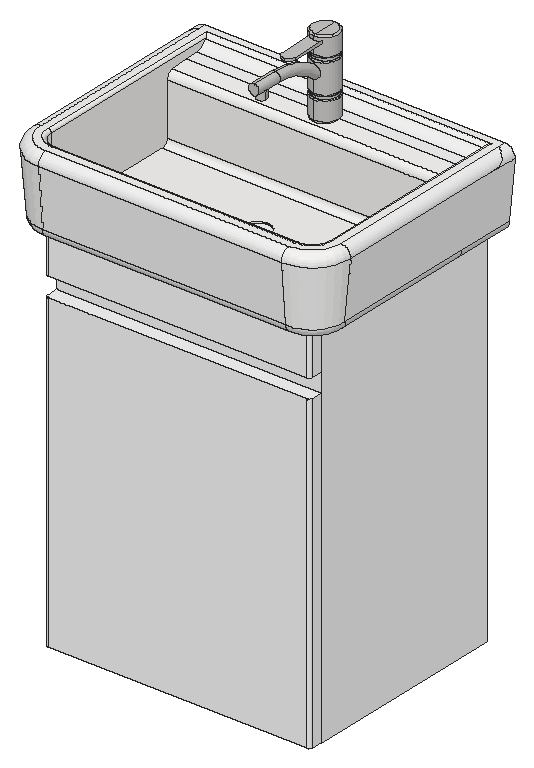
Revit family "CONV_Geberit_StorageUnits_IfoRenovaNr1Plan_50", category Furniture, Revit 2016
Family settings
  OmniClass Number = 23.40.20.21
  OmniClass Title = Toilet and Bath Specialties
  Work Plane-Based = No
  Always vertical = Yes
  Cut with Voids When Loaded = No
  Shared = No
  Room Calculation Point = No
Parameters (values of type "Ifo Renova Nr. 1 Plan Cabinet - 50 cm White")
  WashbasinVisibility [instance] = yes
  WarrantyStartDate [instance] = "n/a"
  WarrantyGuarantorParts = "n/a"
  WarrantyGuarantorLabor = "n/a"
  WarrantyDurationUnit = "Year"
  WarrantyDurationParts = "n/a"
  WarrantyDurationLabor = "n/a"
  WarrantyDescription = "n/a"
  VersionDate = "17/04/2018"  # constant formula
  Version = "1"  # constant formula
  Uniclass2015Reference = "Pr_40_30_78_03"
  Uniclass2015Description = "Bathroom cabinets"
  Uniclass2 = "Pr_40_30_78_06"
  URL = "https://www.ifo.se/"
  Type Comments = ""
  TagNumber [instance] = "n/a"
  SustainabilityPerformance = "n/a"
  Style = "n/a"
  Size = "500x380x810 mm"
  Shape = "Rectangular"
  SerialNumber [instance] = "n/a"
  Revision = "n/a"
  ReplacementCost = "n/a"
  ProductURL_SE = "http://www.ifo.se/produkter/mobler/"
  ProductURL_NO = "http://www.ifosanitar.no/produkter/baderomsmbler/"
  ProductURL_DK = "http://www.ifo.dk/produkter/badevrelsesmbler/"
  ProductInformation = "Ifo Renova Nr. 1 plan cabinet in moisture resistant material with soft closing cover that can be right or left mounted. The integrated handle makes the door easy to open. Washbasins are ordered separately."
  NotWashbasin [instance] = not(WashbasinVisibility)  # no
  NominalLength = 500 mm
  NominalHeight = 811.2 mm
  NominalDepth = 380 mm
  Name = "StorageUnits_IfoRenovaNr1Plan_50"
  NBSReference = "45-35-72/318"
  NBSDescription = "Bathroom cabinets"
  ModelReference = "n/a"
  ModelNumber = "44753"
  Material = "Wood, metal"
  ManufacturerURL = "https://www.ifo.se/"
  ManufacturerName = "Ifo (Geberit Group)"
  MainColor = "White"
  InstallationDate [instance] = "n/a"
  ExpiringDate = "12/2018"  # constant formula
  Elevation [instance] = 500 mm
  EANNumber = "7391515443844"
  Description = ""
  Collection = "Ifo Renova"
  Model = "Ifo Renova Nr. 1 Plan Cabinet - 50 cm White"
  Manufacturer = "Ifo (Geberit Group)"
  IfcExportType = "CABINET"  # constant formula
  IfcExportAs = "IfcFurnitureType"  # constant formula
  Grade = "n/a"
  Finish = "n/a"
  Features = "n/a"
  ExpectedLife = "n/a"
  DurationUnit = "Year"
  Cost = 0
  ConvergoRefNr = "0132-1802-0007-SE"
  Constituents = "Washbasin sold separately"
  Color = "White"
  CodePerformance = "n/a"
  Category = "Sink Cabinet"
  CabinetTertiaryMaterial = Stainless Steel, Polished
  CabinetSecondaryMaterial = Porcelain, White
  CabinetMainMaterial = White
  Brand = "Ifo"
  Barcode [instance] = "n/a"
  BIMObjectName = "CONV_Geberit_StorageUnits_IfoRenovaNr1Plan_50"
  Author = "Convergo AB"  # constant formula
  AssetType = "Fixed"
  AssetIdentifier [instance] = "n/a"
  AccessibilityPerformance = "n/a"
Types (4, lengths in mm): name | ModelNumber | MainColor | EANNumber | Model | Color | CabinetMainMaterial
  (no name) | "44753" | "White" | "7391515443844" | "Ifo Renova Nr. 1 Plan Cabinet - 50 cm White" | "White" | White
  Ifo Renova Nr. 1 Plan Cabinet - 50 cm Elm | "44755" | "Wooden" | "7391515443387" | "Ifo Renova Nr. 1 Plan Cabinet - 50 cm Alm" | "Wooden" | Elm
  Ifo Renova Nr. 1 Plan Cabinet - 50 cm White | "44753" | "White" | "7391515443844" | "Ifo Renova Nr. 1 Plan Cabinet - 50 cm White" | "White" | White
  Ifo Renova Nr. 1 Plan Cabinet - 50 cm Grey | "44754" | "Grey" | "7391515443851" | "Ifo Renova Nr. 1 Plan Cabinet - 50 cm Grey" | "Grey" | Grey
Reference planes
  plane 1 "Center (Front/Back)": y = 0
  plane 2: z = 0
  plane 3 "Center (Left/Right)": x = 0
  plane 4: x = -250
  plane 5: x = 250
  plane 6: z = 500
  plane 7: z = 1311.2
  plane 8: y = 190
  plane 9: y = -190
Forms (mm)
  Extrusion 1, solid, material "White" <- "CabinetMainMaterial", visible <- "WashbasinVisibility", detail levels coarse
    sketch origin (0, 0, 0) x (0, 1, 0) y (0, 0, 1)
      loop
        line (190, 1311.2) -> (-190, 1311.2) -> (-190, 500) -> (190, 500) -> (190, 1311.2)
    from 250 to -250
  Extrusion 2, solid, material "White" <- "CabinetMainMaterial", visible <- "NotWashbasin", detail levels coarse
    sketch origin (0, 0, 0) x (1, 0, 0) y (0, 0, 1)
      loop
        line (-207, 500) -> (207, 500) -> (207, 1079) -> (-207, 1079) -> (-207, 500)
    from 155 to -190
Lines and regions (mm)
  symbolic lines, visible <- "WashbasinVisibility", detail levels medium+fine
    curve 1: line (0, 190, 1210.898) -> (0, 153.259, 1210.898)
    curve 2: arc (0, -182.486, 1210.898) -> (0, -187.799, 1208.697) -> (0, -190, 1203.384) r 7.514
    curve 3: arc (0, -190, 1203.384) -> (0, -187.014, 1145.52) -> (0, -178.089, 1088.27) r 562.205
    curve 4: arc (0, -178.089, 1088.27) -> (0, -176.238, 1082.615) -> (0, -171.512, 1079) r 10.041
    curve 5: line (0, -171.512, 1079) -> (0, -153, 1079)
    curve 6: line (0, 190, 1210.898) -> (0, 190, 1079)
    curve 18: line (-244.41, 0, 1200.648) -> (-21.001, 0, 1200.648)
    curve 19: arc (-245.884, 0, 1200.569) -> (-245.148, 0, 1200.628) -> (-244.41, 0, 1200.648) r 13.757
    curve 20: arc (-250, 0, 1195.688) -> (-248.921, 0, 1198.954) -> (-245.884, 0, 1200.569) r 4.62
    curve 21: arc (-240.184, 0, 1084.317) -> (-245.804, 0, 1139.939) -> (-250, 0, 1195.688) r 2185.877
    curve 22: arc (-236.166, 0, 1080.8) -> (-238.855, 0, 1081.781) -> (-240.184, 0, 1084.317) r 3.967
    curve 23: line (-236.166, 0, 1080.8) -> (-206.99, 0, 1080.8)
    curve 30: line (-245.361, 190, 0) -> (0, 190, 0)
    curve 31: arc (-245.361, 190, 0) -> (-249.946, 20.926, 0) -> (-247.737, -148.197, 0) r 4210.49
    curve 32: arc (-247.737, -148.197, 0) -> (-239.058, -170.939, 0) -> (-218.223, -183.528, 0) r 37.41
    curve 33: arc (-218.223, -183.528, 0) -> (-211.271, -184.735, 0) -> (-204.244, -185.381, 0) r 87.906
    curve 44: line (0, 150.851, 1311.2) -> (0, 113.651, 1311.2)
    curve 45: line (0, 150.851, 1311.2) -> (0, 153.251, 1308.8)
    curve 46: line (0, 153.251, 1308.8) -> (0, 153.251, 1282.252)
    curve 47: line (0, 113.651, 1311.2) -> (0, 111.251, 1308.8)
    curve 48: line (0, 111.251, 1308.8) -> (0, 111.251, 1303.955)
    curve 52: line (0, 111.251, 1300.955) -> (0, 111.251, 1282.252)
    curve 53: line (0, 111.251, 1303.955) -> (0, 52.197, 1303.955)
    curve 54: line (0, 52.197, 1303.955) -> (0, 52.197, 1300.955)
    curve 55: line (0, 52.197, 1300.955) -> (0, 111.251, 1300.955)
    curve 56: line (0, 45.868, 1256.325) -> (0, 45.868, 1249.325)
    curve 57: line (0, 45.868, 1249.325) -> (0, 31.875, 1249.325)
    curve 58: line (0, 31.875, 1249.325) -> (0, 31.875, 1256.325)
    curve 59: line (0, 31.875, 1256.325) -> (0, 23.796, 1256.325)
    curve 60: line (0, 23.796, 1256.325) -> (0, 23.796, 1272.325)
    curve 61: line (0, 23.796, 1272.325) -> (0, 64.727, 1272.325)
    curve 62: arc (0, 64.727, 1272.325) -> (0, 88.54, 1269.748) -> (0, 111.251, 1262.137) r 111.325
    curve 63: line (0, 45.868, 1256.325) -> (0, 64.931, 1256.325)
    curve 64: arc (0, 64.931, 1256.325) -> (0, 88.859, 1253.269) -> (0, 111.251, 1244.296) r 95.194
    curve 67: line (0, 111.251, 1262.137) -> (0, 111.251, 1274.212)
    curve 68: line (0, 152.27, 1275.212) -> (0, 151.005, 1275.212)
    curve 69: line (0, 152.251, 1281.252) -> (0, 151.005, 1281.252)
    curve 70: arc (0, 153.251, 1282.252) -> (0, 152.958, 1281.545) -> (0, 152.251, 1281.252) r 1
    curve 71: line (0, 153.27, 1274.212) -> (0, 153.27, 1228.203)
    curve 72: line (0, 153.259, 1210.898) -> (0, 153.259, 1220.218)
    curve 73: line (0, 152.259, 1221.218) -> (0, 151.036, 1221.218)
    curve 74: line (0, 111.283, 1210.898) -> (0, 111.283, 1220.218)
    curve 75: arc (0, 153.259, 1220.218) -> (0, 152.966, 1220.925) -> (0, 152.259, 1221.218) r 1
    curve 76: arc (0, 112.283, 1221.218) -> (0, 111.576, 1220.925) -> (0, 111.283, 1220.218) r 1
    curve 77: arc (0, 153.27, 1274.212) -> (0, 152.977, 1274.919) -> (0, 152.27, 1275.212) r 1
    curve 78: arc (0, 111.251, 1274.212) -> (0, 111.543, 1274.919) -> (0, 112.251, 1275.212) r 1
    curve 79: arc (0, 112.251, 1281.252) -> (0, 111.543, 1281.545) -> (0, 111.251, 1282.252) r 1
    curve 80: line (0, 111.251, 1244.296) -> (0, 111.251, 1228.203)
    curve 81: line (0, 112.251, 1227.203) -> (0, 113.603, 1227.203)
    curve 82: arc (0, 112.251, 1227.203) -> (0, 111.543, 1227.496) -> (0, 111.251, 1228.203) r 1
    curve 83: arc (0, 152.27, 1227.203) -> (0, 152.977, 1227.496) -> (0, 153.27, 1228.203) r 1
    curve 84: line (0, 151.036, 1227.203) -> (0, 151.036, 1221.218)
    curve 85: line (0, 113.603, 1227.203) -> (0, 113.603, 1221.218)
    curve 86: line (0, 151.005, 1281.252) -> (0, 151.005, 1275.212)
    curve 87: line (0, 113.655, 1281.252) -> (0, 113.655, 1275.212)
    curve 89: line (0, 113.655, 1281.252) -> (0, 112.251, 1281.252)
    curve 91: line (0, 113.655, 1275.212) -> (0, 112.251, 1275.212)
    curve 93: line (0, 151.036, 1227.203) -> (0, 152.27, 1227.203)
    curve 95: line (0, 113.603, 1221.218) -> (0, 112.283, 1221.218)
    curve 97: line (0, 111.283, 1210.898) -> (0, -182.486, 1210.898)
    curve 99: line (-18.6, 0, 1311.213) -> (-21, 0, 1308.813)
    curve 101: line (-21, 0, 1308.813) -> (-21, 0, 1282.25)
    curve 102: line (-20, 0, 1281.25) -> (-18.68, 0, 1281.25)
    curve 103: line (-21.01, 0, 1274.298) -> (-21.01, 0, 1228.24)
    curve 104: line (-20.01, 0, 1227.24) -> (-18.645, 0, 1227.24)
    curve 105: line (-20.001, 0, 1221.269) -> (-18.645, 0, 1221.269)
    curve 106: line (-21.001, 0, 1220.269) -> (-21.001, 0, 1200.648)
    curve 107: arc (-21.001, 0, 1220.269) -> (-20.709, 0, 1220.976) -> (-20.001, 0, 1221.269) r 1
    curve 108: arc (-20.01, 0, 1227.24) -> (-20.717, 0, 1227.533) -> (-21.01, 0, 1228.24) r 1
    curve 109: arc (-21.01, 0, 1274.298) -> (-20.717, 0, 1275.005) -> (-20.01, 0, 1275.298) r 1
    curve 110: arc (-20, 0, 1281.25) -> (-20.707, 0, 1281.543) -> (-21, 0, 1282.25) r 1
    curve 113: line (-18.645, 0, 1227.24) -> (-18.645, 0, 1221.269)
    curve 114: line (-18.68, 0, 1281.25) -> (-18.68, 0, 1275.298)
    curve 115: line (-18.68, 0, 1275.298) -> (-20.01, 0, 1275.298)
    curve 120: line (245.361, 190, 0) -> (0, 190, 0)
    curve 145: line (-18.6, 0, 1311.213) -> (18.6, 0, 1311.213)
    curve 146: arc (245.884, 0, 1200.569) -> (245.148, 0, 1200.628) -> (244.41, 0, 1200.648) r 13.757
    curve 147: arc (250, 0, 1195.688) -> (248.921, 0, 1198.954) -> (245.884, 0, 1200.569) r 4.62
    curve 148: arc (240.184, 0, 1084.317) -> (245.804, 0, 1139.939) -> (250, 0, 1195.688) r 2185.877
    curve 149: arc (236.166, 0, 1080.8) -> (238.855, 0, 1081.781) -> (240.184, 0, 1084.317) r 3.967
    curve 150: line (236.166, 0, 1080.8) -> (207, 0, 1080.8)
    curve 157: line (18.6, 0, 1311.213) -> (21, 0, 1308.813)
    curve 159: line (21, 0, 1308.813) -> (21, 0, 1282.25)
    curve 160: line (20, 0, 1281.25) -> (18.68, 0, 1281.25)
    curve 161: line (21.01, 0, 1274.298) -> (21.01, 0, 1228.24)
    curve 162: line (20.01, 0, 1227.24) -> (18.645, 0, 1227.24)
    curve 163: line (20.001, 0, 1221.269) -> (18.645, 0, 1221.269)
    curve 164: line (21.001, 0, 1220.269) -> (21.001, 0, 1200.648)
    curve 165: arc (21.001, 0, 1220.269) -> (20.709, 0, 1220.976) -> (20.001, 0, 1221.269) r 1
    curve 166: arc (20.01, 0, 1227.24) -> (20.717, 0, 1227.533) -> (21.01, 0, 1228.24) r 1
    curve 167: arc (21.01, 0, 1274.298) -> (20.717, 0, 1275.005) -> (20.01, 0, 1275.298) r 1
    curve 168: arc (20, 0, 1281.25) -> (20.707, 0, 1281.543) -> (21, 0, 1282.25) r 1
    curve 171: line (18.645, 0, 1227.24) -> (18.645, 0, 1221.269)
    curve 172: line (18.68, 0, 1281.25) -> (18.68, 0, 1275.298)
    curve 173: line (18.68, 0, 1275.298) -> (20.01, 0, 1275.298)
    curve 174: arc (245.361, 190, 0) -> (249.946, 20.926, 0) -> (247.737, -148.197, 0) r 4210.49
    curve 175: arc (247.737, -148.197, 0) -> (239.058, -170.939, 0) -> (218.223, -183.528, 0) r 37.41
    curve 176: arc (218.223, -183.528, 0) -> (211.271, -184.735, 0) -> (204.244, -185.381, 0) r 87.906
    curve 177: arc (-204.244, -185.381, 0) -> (0, -190.644, 0) -> (204.244, -185.381, 0) r 3965.866
    curve 192: line (21.001, 0, 1200.648) -> (244.41, 0, 1200.648)
  symbolic lines, detail levels medium+fine
    curve 7: line (0, 190, 500) -> (0, -132, 500)
    curve 8: line (0, -132, 989) -> (0, -153, 989)
    curve 10: line (0, -132, 1019) -> (0, -153, 1019)
    curve 11: line (0, -155, 1077) -> (0, -155, 1021)
    curve 12: arc (0, -155, 1021) -> (0, -154.414, 1019.586) -> (0, -153, 1019) r 2
    curve 13: arc (0, -153, 1079) -> (0, -154.414, 1078.414) -> (0, -155, 1077) r 2
    curve 14: line (0, -155, 987) -> (0, -155, 502)
    curve 15: line (0, -132, 500) -> (0, -153, 500)
    curve 16: arc (0, -153, 500) -> (0, -154.414, 500.586) -> (0, -155, 502) r 2
    curve 17: arc (0, -153, 989) -> (0, -154.414, 988.414) -> (0, -155, 987) r 2
    curve 24: line (-206.99, 0, 1080.8) -> (-206.99, 0, 501.888)
    curve 136: line (0, 190, 1079) -> (0, 190, 500)
    curve 151: line (207, 0, 1080.8) -> (207, 0, 501.888)
    curve 190: line (0, -132, 989) -> (0, -132, 1019)
    curve 197: line (-205.207, 0, 500) -> (205.217, 0, 500)
  symbolic lines, visible <- "NotWashbasin", detail levels medium+fine
    curve 9: line (0, -132, 1079) -> (0, -153, 1079)
    curve 98: line (0, 190, 1079) -> (0, -132, 1079)
    curve 119: line (-207, 190, 0) -> (0, 190, 0)
    curve 131: line (207, 190, 0) -> (0, 190, 0)
    curve 178: line (-207, 190, 0) -> (-207, -132, 0)
    curve 179: line (-207, -132, 0) -> (-206.5, -132, 0)
    curve 180: line (-206.5, -132, 0) -> (-206.5, -150, 0)
    curve 181: line (-201.5, -155, 0) -> (0, -155, 0)
    curve 182: arc (-206.5, -150, 0) -> (-205.036, -153.536, 0) -> (-201.5, -155, 0) r 5
    curve 184: line (207, 190, 0) -> (207, -132, 0)
    curve 185: line (206.5, -132, 0) -> (206.5, -150, 0)
    curve 186: line (201.5, -155, 0) -> (0, -155, 0)
    curve 187: arc (206.5, -150, 0) -> (205.036, -153.536, 0) -> (201.5, -155, 0) r 5
  symbolic lines, detail levels fine
    curve 25: line (-191.612, 0, 1019) -> (-191.612, 0, 989)
    curve 26: arc (-205.207, 0, 500) -> (-206.474, 0, 500.59) -> (-206.99, 0, 501.888) r 1.891
    curve 27: arc (-206.99, 0, 987.218) -> (-206.468, 0, 988.478) -> (-205.208, 0, 989) r 1.782
    curve 28: arc (-206.99, 0, 1020.782) -> (-206.468, 0, 1019.522) -> (-205.208, 0, 1019) r 1.782
    curve 29: arc (-206.99, 0, 1078.912) -> (-206.437, 0, 1080.247) -> (-205.102, 0, 1080.8) r 1.888
    curve 43: line (0, -132, 500) -> (0, -132, 989)
    curve 152: line (191.612, 0, 1019) -> (191.612, 0, 989)
    curve 153: arc (205.217, 0, 500) -> (206.484, 0, 500.59) -> (207, 0, 501.888) r 1.891
    curve 154: arc (207, 0, 987.216) -> (206.477, 0, 988.477) -> (205.216, 0, 989) r 1.784
    curve 155: arc (207, 0, 1020.784) -> (206.477, 0, 1019.523) -> (205.216, 0, 1019) r 1.784
    curve 156: arc (207, 0, 1078.912) -> (206.447, 0, 1080.247) -> (205.112, 0, 1080.8) r 1.888
    curve 189: line (0, -132, 1019) -> (0, -132, 1079)
    curve 193: line (-206.99, 0, 1080.8) -> (207, 0, 1080.8)
    curve 195: line (-205.208, 0, 1019) -> (205.216, 0, 1019)
    curve 196: line (-205.208, 0, 989) -> (205.216, 0, 989)
    curve 198: line (0, -153, 1079) -> (0, -132, 1079)
  symbolic lines, visible <- "WashbasinVisibility", detail levels fine
    curve 34: line (-213.296, 67.822, 0) -> (-213.296, -126.279, 0)
    curve 35: arc (-213.296, -126.279, 0) -> (-206.577, -142.499, 0) -> (-190.357, -149.217, 0) r 22.938
    curve 36: arc (-191.422, 89.696, 0) -> (-206.889, 83.289, 0) -> (-213.296, 67.822, 0) r 21.873
    curve 37: circle (0, 0, 0) r 22.816 normal (0, 0, 1)
    curve 38: line (-206.677, 174.524, 0) -> (0, 174.524, 0)
    curve 39: arc (-218.882, 162.319, 0) -> (-215.307, 170.95, 0) -> (-206.677, 174.524, 0) r 12.205
    curve 40: line (-218.882, 162.319, 0) -> (-218.882, 82.319, 0)
    curve 41: arc (-218.882, 82.319, 0) -> (-217.451, 73.244, 0) -> (-213.296, 65.051, 0) r 29.483
    curve 42: line (0, -132, 1079) -> (0, 190, 1079)
    curve 49: line (0, 111.251, 1303.955) -> (0, 113.784, 1303.955)
    curve 50: line (0, 113.784, 1303.955) -> (0, 113.784, 1300.955)
    curve 51: line (0, 113.784, 1300.955) -> (0, 111.251, 1300.955)
    curve 65: arc (0, 111.251, 1262.137) -> (0, 112.923, 1253.217) -> (0, 111.251, 1244.296) r 24.624
    curve 66: arc (0, 45.868, 1256.325) -> (0, 38.871, 1260.325) -> (0, 31.875, 1256.325) r 8.118
    curve 88: line (0, 151.005, 1281.252) -> (0, 113.655, 1281.252)
    curve 90: line (0, 151.005, 1275.212) -> (0, 113.655, 1275.212)
    curve 92: line (0, 113.603, 1227.203) -> (0, 151.036, 1227.203)
    curve 94: line (0, 151.036, 1221.218) -> (0, 113.603, 1221.218)
    curve 96: line (0, 153.259, 1210.898) -> (0, 111.283, 1210.898)
    curve 100: line (-10, 0, 1303.969) -> (-10, 0, 1300.969)
    curve 111: arc (0, 0, 1272.338) -> (-8, 0, 1264.338) -> (0, 0, 1256.338) r 8
    curve 112: line (-6.996, 0, 1249.338) -> (-6.996, 0, 1260.459)
    curve 116: arc (0, 153.251, 0) -> (-21, 132.251, 0) -> (0, 111.251, 0) r 21
    curve 117: line (-7.995, 112.832, 0) -> (-7.995, 79.653, 0)
    curve 118: arc (-7.995, 79.653, 0) -> (-5.655, 73.989, 0) -> (0, 71.629, 0) r 8.024
    curve 121: line (213.296, 67.822, 0) -> (213.296, -126.279, 0)
    curve 122: arc (213.296, -126.279, 0) -> (206.577, -142.499, 0) -> (190.357, -149.217, 0) r 22.938
    curve 123: arc (191.422, 89.696, 0) -> (206.889, 83.289, 0) -> (213.296, 67.822, 0) r 21.873
    curve 124: line (206.677, 174.524, 0) -> (0, 174.524, 0)
    curve 125: arc (218.882, 162.319, 0) -> (215.307, 170.95, 0) -> (206.677, 174.524, 0) r 12.205
    curve 126: line (218.882, 162.319, 0) -> (218.882, 82.319, 0)
    curve 127: arc (218.882, 82.319, 0) -> (217.451, 73.244, 0) -> (213.296, 65.051, 0) r 29.483
    curve 128: arc (0, 153.251, 0) -> (21, 132.251, 0) -> (0, 111.251, 0) r 21
    curve 129: line (7.995, 112.832, 0) -> (7.995, 79.653, 0)
    curve 130: arc (7.995, 79.653, 0) -> (5.655, 73.989, 0) -> (0, 71.629, 0) r 8.024
    curve 132: line (-190.357, -149.217, 0) -> (190.357, -149.217, 0)
    curve 133: line (-191.422, 89.696, 0) -> (-7.995, 89.696, 0)
    curve 134: line (7.995, 89.696, 0) -> (191.422, 89.696, 0)
    curve 135: line (0, 153.251, 1308.8) -> (0, 111.251, 1308.8)
    curve 137: line (-18.68, 0, 1281.25) -> (18.68, 0, 1281.25)
    curve 138: line (-18.645, 0, 1221.269) -> (18.645, 0, 1221.269)
    curve 139: line (-18.645, 0, 1227.24) -> (18.645, 0, 1227.24)
    curve 140: line (-6.996, 0, 1249.338) -> (6.996, 0, 1249.338)
    curve 141: line (-18.68, 0, 1275.298) -> (18.68, 0, 1275.298)
    curve 142: line (-10, 0, 1300.969) -> (10, 0, 1300.969)
    curve 143: line (-10, 0, 1303.969) -> (10, 0, 1303.969)
    curve 144: line (-21, 0, 1308.813) -> (21, 0, 1308.813)
    curve 158: line (10, 0, 1303.969) -> (10, 0, 1300.969)
    curve 169: arc (0, 0, 1272.338) -> (8, 0, 1264.338) -> (0, 0, 1256.338) r 8
    curve 170: line (6.996, 0, 1249.338) -> (6.996, 0, 1260.459)
    curve 191: line (-21.001, 0, 1200.648) -> (21.001, 0, 1200.648)
  symbolic lines, visible <- "NotWashbasin", detail levels fine
    curve 183: line (-206.5, -132, 0) -> (0, -132, 0)
    curve 188: line (206.5, -132, 0) -> (0, -132, 0)
  symbolic lines, visible <- "NotWashbasin", detail levels medium
    curve 194: line (-206.99, 0, 1080.8) -> (207, 0, 1080.8)
Dimensions and locks
  equal spacing: plane 4, plane 3 "Center (Left/Right)", plane 5
  "NominalLength": plane 4 to plane 5
  "Elevation": plane 6 to level
  equal spacing: plane 8, plane 1 "Center (Front/Back)", plane 9
  "NominalDepth": plane 8 to plane 9
  Extrusion 2 sketch curve to curve 193 = 580.8 mm
  "NominalHeight": plane 6 to plane 7
  aligned and locked: level to plane 2
  aligned and locked: nested 1 to plane 8
  aligned and locked: nested 2 to plane 6
  aligned and locked: plane 8 to nested 2
  aligned and locked: Extrusion 1 sketch curve to nested 1
  aligned and locked: Extrusion 1 sketch curve to plane 6
  aligned and locked: Extrusion 1 sketch curve to plane 9
  aligned and locked: Extrusion 1 to plane 7
  aligned and locked: Extrusion 1 to plane 5
  aligned and locked: Extrusion 1 to plane 4
  aligned and locked: nested 1 to nested 2
  aligned and locked: Extrusion 1 to plane 6  (x4)
  aligned and locked: curve 7 to plane 6
  aligned and locked: curve 15 to plane 6
  aligned and locked: Extrusion 2 sketch curve to nested 2  (x2)
  aligned and locked: Extrusion 2 to nested 2
Automatic sketch dimensions
  curve 116 to curve 128 = 0 mm  (x2)
  curve 30 to plane 8 = 0 mm
  curve 120 to plane 3 "Center (Left/Right)" = 0 mm
  curve 118 to plane 3 "Center (Left/Right)" = 0 mm
  curve 183 to plane 3 "Center (Left/Right)" = 0 mm
  curve 124 to plane 3 "Center (Left/Right)" = 0 mm
  curve 116 to plane 3 "Center (Left/Right)" = 0 mm
  curve 177 to plane 3 "Center (Left/Right)" = 0 mm
  plane 1 "Center (Front/Back)" to curve 37 = 0 mm
  curve 37 to plane 3 "Center (Left/Right)" = 0 mm
  curve 186 to plane 3 "Center (Left/Right)" = 0 mm
  curve 130 to plane 3 "Center (Left/Right)" = 0.029 mm
  curve 117 to curve 130 = 7.966 mm
  plane 4 to curve 41 = 60.601 mm
  plane 4 to curve 132 = 59.643 mm
  curve 133 to curve 41 = 2.023 mm
  curve 33 to curve 35 = 9.359 mm
  curve 181 to curve 132 = 11.143 mm
  curve 179 to curve 35 = 16.143 mm
  curve 38 to plane 8 = 15.476 mm
  plane 4 to curve 38 = 43.323 mm
  curve 179 to curve 180 = 0.5 mm
  curve 32 to curve 180 = 3.848 mm
  curve 34 to curve 178 = 6.296 mm
  curve 40 to curve 34 = 5.586 mm
  plane 4 to curve 30 = 4.639 mm
  plane 1 "Center (Front/Back)" to curve 174 = 8.649 mm
  curve 174 to plane 4 = 3710.44 mm
  plane 3 "Center (Left/Right)" to curve 118 = 0.029 mm
  curve 118 to curve 129 = 7.966 mm
  plane 5 to curve 127 = 60.601 mm
  plane 5 to curve 122 = 59.643 mm
  curve 127 to curve 134 = 2.023 mm
  curve 122 to curve 176 = 9.359 mm
  curve 122 to curve 187 = 11.143 mm
  curve 122 to curve 185 = 16.143 mm
  plane 5 to curve 124 = 43.323 mm
  curve 187 to curve 175 = 3.848 mm
  curve 185 to curve 121 = 6.796 mm
  curve 125 to curve 126 = 12.205 mm
  plane 5 to curve 120 = 4.639 mm
  plane 1 "Center (Front/Back)" to curve 31 = 8.649 mm
  curve 31 to plane 5 = 3710.44 mm
  plane 9 to curve 176 = 92.408 mm
  plane 9 to curve 33 = 92.408 mm
  curve 122 to curve 176 = 28.688 mm
  curve 179 to curve 35 = 5.721 mm
  curve 32 to curve 178 = 14.957 mm
  curve 175 to curve 188 = 14.957 mm
  curve 187 to curve 175 = 3.043 mm
  curve 121 to plane 1 "Center (Front/Back)" = 67.822 mm
  curve 34 to plane 1 "Center (Front/Back)" = 67.822 mm
  curve 118 to curve 134 = 10.043 mm
  curve 41 to curve 133 = 7.377 mm
  curve 127 to curve 134 = 7.377 mm
  curve 128 to curve 38 = 42.274 mm
  curve 30 to curve 177 = 3585.222 mm
  plane 9 to curve 33 = 4.619 mm
  curve 177 to curve 33 = 0 mm
  curve 32 to curve 33 = 0 mm
  curve 176 to curve 177 = 0 mm
  curve 185 to curve 184 = 0.5 mm
  curve 131 to curve 184 = 0 mm
  curve 175 to curve 176 = 0 mm
  curve 185 to curve 184 = 0 mm
  curve 128 to curve 128 = 21 mm
  plane 7 to Extrusion 1 sketch curve = 0 mm
  curve 2 to plane 9 = 0 mm
  curve 3 to plane 9 = 0 mm
  plane 7 to curve 47 = 0 mm
  curve 3 to curve 2 = 7.514 mm
  plane 9 to curve 5 = 18.488 mm
  curve 4 to curve 4 = 3.462 mm
  plane 6 to curve 14 = 2 mm
  plane 9 to curve 14 = 35 mm
  curve 11 to curve 14 = 0 mm
  curve 17 to curve 8 = 2 mm
  curve 13 to curve 198 = 2 mm
  curve 12 to curve 10 = 2 mm
  curve 17 to curve 190 = 21 mm
  curve 60 to plane 1 "Center (Front/Back)" = 23.796 mm
  curve 59 to curve 58 = 8.079 mm
  curve 57 to curve 66 = 6.996 mm
  curve 66 to curve 57 = 6.996 mm
  plane 7 to curve 55 = 10.245 mm
  curve 60 to curve 55 = 28.401 mm
  curve 66 to curve 61 = 18.859 mm
  curve 62 to curve 64 = 0.204 mm
  curve 63 to curve 65 = 23.369 mm
  plane 7 to curve 53 = 7.245 mm
  curve 65 to curve 53 = 22.951 mm
  curve 52 to curve 48 = 0 mm
  curve 65 to curve 80 = 22.951 mm
  curve 67 to curve 52 = 0 mm
  curve 80 to curve 74 = 0.032 mm
  curve 52 to curve 89 = 1 mm
  curve 78 to curve 78 = 1 mm
  curve 80 to curve 82 = 1 mm
  curve 76 to curve 95 = 1 mm
  curve 76 to curve 94 = 1.32 mm
  curve 47 to curve 47 = 2.4 mm
  curve 78 to curve 87 = 1.404 mm
  curve 48 to curve 49 = 2.534 mm
  curve 44 to curve 45 = 37.2 mm
  curve 44 to curve 86 = 0.155 mm
  curve 81 to curve 84 = 37.433 mm
  curve 69 to curve 69 = 1.245 mm
  curve 73 to curve 73 = 1.223 mm
  curve 68 to curve 68 = 1.265 mm
  curve 84 to curve 93 = 1.234 mm
  curve 44 to curve 135 = 2.4 mm
  curve 75 to curve 72 = 1 mm
  curve 83 to curve 71 = 1 mm
  plane 7 to curve 3 = 107.816 mm
  plane 8 to curve 3 = 182.205 mm
  curve 17 to curve 10 = 30 mm
  curve 11 to curve 11 = 56 mm
  curve 4 to curve 4 = 9.425 mm
  curve 62 to curve 74 = 49.898 mm
  curve 62 to curve 64 = 0.13 mm
  curve 74 to curve 76 = 9.32 mm
  curve 73 to curve 93 = 5.985 mm
  curve 80 to curve 80 = 16.093 mm
  curve 57 to curve 58 = 7 mm
  curve 56 to curve 66 = 2.882 mm
  curve 65 to curve 63 = 3.108 mm
  curve 62 to curve 78 = 12.075 mm
  curve 78 to curve 89 = 6.04 mm
  plane 7 to curve 135 = 2.4 mm
  curve 136 to plane 8 = 0 mm
  plane 7 to Extrusion 2 sketch curve = 232.2 mm
  curve 14 to curve 2 = 216.384 mm
  curve 20 to plane 4 = 0 mm
  curve 21 to plane 4 = 0 mm
  curve 169 to plane 3 "Center (Left/Right)" = 0 mm
  curve 153 to plane 6 = 0 mm
  plane 5 to curve 147 = 0 mm
  plane 5 to curve 148 = 0 mm
  curve 148 to plane 7 = 20.659 mm
  curve 148 to plane 4 = 1681.631 mm
  plane 4 to curve 20 = 4.611 mm
  curve 20 to curve 18 = 0.979 mm
  plane 4 to curve 22 = 13.758 mm
  curve 22 to curve 23 = 0.076 mm
  curve 22 to curve 193 = 29.176 mm
  curve 27 to curve 27 = 1.782 mm
  curve 28 to curve 28 = 1.782 mm
  curve 24 to curve 197 = 1.783 mm
  curve 29 to curve 29 = 1.888 mm
  plane 6 to curve 26 = 1.888 mm
  curve 103 to plane 3 "Center (Left/Right)" = 21.01 mm
  curve 191 to plane 3 "Center (Left/Right)" = 21.001 mm
  plane 7 to curve 144 = 2.387 mm
  curve 144 to plane 3 "Center (Left/Right)" = 21 mm
  curve 103 to curve 108 = 1 mm
  curve 109 to curve 109 = 1 mm
  curve 106 to curve 107 = 1 mm
  curve 101 to curve 110 = 1 mm
  curve 102 to curve 137 = 1.32 mm
  curve 105 to curve 113 = 1.356 mm
  curve 99 to plane 7 = 0.013 mm
  curve 99 to curve 99 = 2.4 mm
  curve 143 to plane 3 "Center (Left/Right)" = 10 mm
  curve 112 to plane 3 "Center (Left/Right)" = 6.996 mm
  plane 3 "Center (Left/Right)" to curve 170 = 6.996 mm
  plane 3 "Center (Left/Right)" to curve 143 = 10 mm
  curve 143 to curve 157 = 8.6 mm
  plane 3 "Center (Left/Right)" to curve 163 = 18.645 mm
  plane 3 "Center (Left/Right)" to curve 172 = 18.68 mm
  curve 137 to curve 168 = 1.32 mm
  curve 138 to curve 165 = 1.356 mm
  curve 139 to curve 162 = 1.364 mm
  curve 141 to curve 167 = 1.329 mm
  curve 145 to curve 159 = 2.4 mm
  curve 165 to curve 164 = 1 mm
  curve 166 to curve 161 = 1 mm
  plane 6 to curve 153 = 1.888 mm
  plane 5 to curve 153 = 44.891 mm
  plane 5 to curve 156 = 44.888 mm
  plane 5 to curve 154 = 44.784 mm
  curve 195 to curve 154 = 0 mm
  curve 153 to curve 151 = 1.891 mm
  plane 5 to curve 150 = 13.834 mm
  curve 149 to curve 149 = 0.076 mm
  plane 5 to curve 192 = 5.59 mm
  plane 5 to curve 147 = 4.611 mm
  curve 21 to plane 7 = 20.659 mm
  curve 21 to plane 5 = 1681.631 mm
  plane 7 to curve 154 = 323.984 mm
  curve 27 to curve 195 = 30 mm
  curve 155 to curve 156 = 58.128 mm
  curve 22 to curve 22 = 3.966 mm
  curve 149 to curve 149 = 3.966 mm
  curve 22 to curve 19 = 102.125 mm
  curve 149 to curve 146 = 102.125 mm
  curve 146 to curve 147 = 9.084 mm
  curve 19 to curve 20 = 9.084 mm
  curve 147 to curve 192 = 0.079 mm
  curve 18 to curve 106 = 19.621 mm
  curve 163 to curve 162 = 5.971 mm
  curve 108 to curve 112 = 21.098 mm
  curve 140 to curve 111 = 15 mm
  curve 111 to curve 109 = 9.96 mm
  curve 115 to curve 102 = 5.951 mm
  plane 7 to curve 100 = 10.231 mm
  curve 100 to curve 100 = 3 mm
  curve 28 to curve 25 = 13.596 mm
  curve 152 to curve 154 = 13.604 mm
  curve 111 to curve 111 = 8 mm
  radius of curve 37 = 22.816 mm
Nested families
  nested 1: "ifo_sink_50" at (0, 0, 1086), FaucetMaterial <- "CabinetTertiaryMaterial", WashbasinMaterial <- "CabinetSecondaryMaterial", visible <- "WashbasinVisibility", type "ifo_sink_50", detail levels medium+fine
    with WashbasinMaterial Porcelain, White, SinkWidth 500 mm, FaucetMaterial Stainless Steel, Polished
  nested 2: "ifo_renova_cabinet_50" at (0, 17.5, 500), CabinetMaterial <- "CabinetMainMaterial", type "ifo_renova_cabinet_50", detail levels medium+fine
    with CabinetMaterial White
Definition of nested family "ifo_sink_50"
  Parameters (values of type "ifo_sink_50")
    WashbasinMaterial [instance] = none
    SinkWidth [instance] = 500 mm
    FaucetMaterial [instance] = none
  Reference planes
    plane 1 "Center (Front/Back)": y = 0
    plane 2: z = 0
    plane 3 "Center (Left/Right)": x = 0
    plane 4: z = 121
    plane 5: y = 190
    plane 6: y = -190
    plane 7: x = -250
    plane 8: x = 250
  Forms (mm)
    Sweep 1, solid, material <- "WashbasinMaterial"
      path origin (0, 0, 0) x (1, 0, 0) y (0, 1, 0)
        loop
          line (-250, 190) -> (-250, -130)
          arc (-250, -130) -> (-232.426, -172.426) -> (-190, -190) r 60
          line (-190, -190) -> (190, -190)
          arc (190, -190) -> (232.426, -172.426) -> (250, -130) r 60
          line (250, -130) -> (250, 190)
      profile origin (-250, 30, 0) x (1, 0, 0) y (0, 0, 1)
        loop
          arc (15.437, 121) -> (4.378, 116.134) -> (0.494, 104.693) r 15
          line (0.494, 104.693) -> (8.456, 13.693)
          arc (8.456, 13.693) -> (13.265, 3.941) -> (23.399, 0) r 15
          line (23.399, 0) -> (32.412, 0) -> (32.412, 116)
          arc (32.412, 116) -> (30.948, 119.536) -> (27.412, 121) r 5
          line (27.412, 121) -> (15.437, 121)
    Extrusion 2, solid, material <- "WashbasinMaterial"
      sketch origin (0, 0, 0) x (1, 0, 0) y (0, 1, 0)
        loop
          line (-265.617, 190) -> (-265.617, 38.815) -> (269.691, 38.815) -> (269.691, 190) -> (-265.617, 190)
      from -9.08 to 121
    Extrusion 3, void
      sketch origin (0, 0, 0) x (1, 0, 0) y (0, 0, 1)
        loop
          arc (-249.506, 104.693) -> (-245.622, 116.134) -> (-234.563, 121) r 15
          line (-234.563, 121) -> (-234.563, 133.522) -> (-278.685, 133.522) -> (-284.034, -19.656) -> (226.601, -19.656) -> (284.034, -19.656) -> (278.685, 133.522) -> (234.563, 133.522) -> (234.563, 121)
          arc (234.563, 121) -> (245.622, 116.134) -> (249.506, 104.693) r 15
          line (249.506, 104.693) -> (241.544, 13.693)
          arc (241.544, 13.693) -> (236.735, 3.941) -> (226.601, 0) r 15
          line (226.601, 0) -> (-226.601, 0)
          arc (-226.601, 0) -> (-236.735, 3.941) -> (-241.544, 13.693) r 15
          line (-241.544, 13.693) -> (-249.506, 104.693)
      from -231.308 to 250
    Extrusion 4, void
      sketch origin (0, 0, 0) x (0, 1, 0) y (0, 0, 1)
        loop
          arc (95.951, 91.348) -> (98.69, 98.829) -> (105.612, 102.773) r 11.587
          arc (105.612, 102.773) -> (118.885, 104.505) -> (132.251, 105.245) r 179.814
          arc (132.251, 105.245) -> (142.823, 105.603) -> (153.378, 106.297) r 333.325
          arc (153.378, 106.297) -> (163.295, 109.433) -> (170.865, 116.566) r 23.336
          arc (170.865, 116.566) -> (174.464, 119.822) -> (179.172, 121) r 10
          line (179.172, 121) -> (190, 121) -> (190, 124.904) -> (-204.995, 124.904) -> (-204.995, 0.831) -> (85.951, 0.831)
          arc (85.951, 0.831) -> (93.022, 3.76) -> (95.951, 10.831) r 10
          line (95.951, 10.831) -> (95.951, 91.348)
      from -303.241 to 250
    Extrusion 5, solid, material <- "WashbasinMaterial"
      sketch origin (0, 0, 0) x (1, 0, 0) y (0, 1, 0)
        loop
          line (-217.588, 38.815) -> (-217.588, -130)
          arc (-217.588, -130) -> (-209.508, -149.508) -> (-190, -157.588) r 27.588
          line (-190, -157.588) -> (190, -157.588)
          arc (190, -157.588) -> (209.508, -149.508) -> (217.588, -130) r 27.588
          line (217.588, -130) -> (217.588, 38.815) -> (-217.588, 38.815)
      from 0 to 0.831
    Extrusion 6, void
      sketch origin (0, 0, 0) x (1, 0, 0) y (0, 1, 0)
        loop
          circle (0, 0) r 20
      from 0 to 250
    Revolve 7, solid, material <- "FaucetMaterial"
      sketch origin (0, 0, 0) x (0, 1, 0) y (0, 0, 1)
        loop
          line (132.251, 225.245) -> (132.251, 99.366) -> (153.251, 99.366) -> (153.251, 105.245) -> (153.251, 134.245)
          arc (153.251, 134.245) -> (152.958, 134.952) -> (152.251, 135.245) r 1
          line (152.251, 135.245) -> (151.4, 135.245)
          arc (151.4, 135.245) -> (151.047, 135.391) -> (150.9, 135.745) r 0.5
          line (150.9, 135.745) -> (150.9, 140.745)
          arc (150.9, 140.745) -> (151.047, 141.098) -> (151.4, 141.245) r 0.5
          line (151.4, 141.245) -> (152.251, 141.245)
          arc (152.251, 141.245) -> (152.958, 141.538) -> (153.251, 142.245) r 1
          line (153.251, 142.245) -> (153.251, 188.245)
          arc (153.251, 188.245) -> (152.958, 188.952) -> (152.251, 189.245) r 1
          line (152.251, 189.245) -> (151.4, 189.245)
          arc (151.4, 189.245) -> (151.047, 189.391) -> (150.9, 189.745) r 0.5
          line (150.9, 189.745) -> (150.9, 194.745)
          arc (150.9, 194.745) -> (151.047, 195.098) -> (151.4, 195.245) r 0.5
          line (151.4, 195.245) -> (152.251, 195.245)
          arc (152.251, 195.245) -> (152.958, 195.538) -> (153.251, 196.245) r 1
          line (153.251, 196.245) -> (153.251, 222.845) -> (150.851, 225.245) -> (132.251, 225.245)
        axis (132.251, 225.245) -> (132.251, 99.366)
      angle from 0 to 360
    Sweep 8, solid, material <- "FaucetMaterial"
      path origin (0, 0, 0) x (0, 1, 0) y (0, 0, 1)
        loop
          line (-6.204, 199.55) -> (33.796, 199.55)
          arc (33.796, 199.55) -> (88.08, 187.551) -> (132.251, 153.791) r 128.798
      profile origin (0, 13.796, 199.55) x (0, 0, 1) y (1, 0, 0)
        loop
          circle (0, 0) r 8
    Extrusion 9, solid, material <- "FaucetMaterial"
      sketch origin (0, 0, 0) x (1, 0, 0) y (0, 1, 0)
        loop
          circle (0, 8.871) r 6.996
      from 181.826 to 197.339
    Extrusion 10, solid, material <- "FaucetMaterial"
      sketch origin (0, 30, 0) x (1, 0, 0) y (0, 1, 0)
        loop
          line (-10, 89.577) -> (-10, 32.197)
          arc (-10, 32.197) -> (0, 22.197) -> (10, 32.197) r 10
          line (10, 32.197) -> (10, 89.577) -> (-10, 89.577)
      from 218 to 215
  Cuts and joins
    Extrusion 3, Extrusion 6 cuts Sweep 1
    Extrusion 3, Extrusion 4, Extrusion 6 cuts Extrusion 2
    Extrusion 6 cuts Extrusion 5
    joined: Sweep 1, Extrusion 2, Extrusion 5
    joined: Revolve 7, Sweep 8, Extrusion 9, Extrusion 10
  Dimensions and locks
    equal spacing: plane 7, plane 3 "Center (Left/Right)", plane 8
    "SinkWidth": plane 7 to plane 8
    equal spacing: plane 6, plane 1 "Center (Front/Back)", plane 5
    plane 6 to plane 5 = 380 mm
    plane 4 to level = 121 mm
    aligned and locked: level to plane 2
  Automatic sketch dimensions
    Sweep 1 sketch curve to plane 7 = 0 mm
    plane 6 to Sweep 1 sketch curve = 0 mm
    Sweep 1 sketch curve to plane 8 = 0 mm
    plane 5 to Sweep 1 sketch curve = 0 mm  (x2)
    plane 7 to Sweep 1 sketch curve = 60 mm
    Sweep 1 sketch curve to plane 6 = 60 mm
    plane 5 to Extrusion 2 sketch curve = 0 mm
    Extrusion 2 sketch curve to Extrusion 2 sketch curve = 151.185 mm
    plane 8 to Extrusion 2 sketch curve = 19.691 mm
    Extrusion 2 sketch curve to plane 7 = 15.617 mm
    Extrusion 3 sketch curve to plane 4 = 0 mm  (x2)
    Extrusion 3 sketch curve to level = 0 mm
    Extrusion 3 sketch curve to plane 7 = 34.034 mm
    plane 4 to Extrusion 3 sketch curve = 12.522 mm  (x2)
    Extrusion 3 sketch curve to plane 7 = 28.685 mm
    plane 7 to Extrusion 3 sketch curve = 0.494 mm
    plane 7 to Extrusion 3 sketch curve = 8.456 mm
    plane 7 to Extrusion 3 sketch curve = 15.437 mm
    Extrusion 3 sketch curve to Extrusion 3 sketch curve = 14.943 mm
    Extrusion 3 sketch curve to plane 8 = 23.399 mm  (x2)
    Extrusion 3 sketch curve to plane 8 = 15.437 mm
    Extrusion 3 sketch curve to plane 8 = 8.456 mm
    Extrusion 3 sketch curve to plane 8 = 0.494 mm
    plane 8 to Extrusion 3 sketch curve = 28.685 mm
    plane 8 to Extrusion 3 sketch curve = 34.034 mm
    Extrusion 3 sketch curve to Extrusion 3 sketch curve = 19.656 mm
    level to Extrusion 3 sketch curve = 13.693 mm  (x2)
    Extrusion 3 sketch curve to plane 4 = 16.307 mm  (x2)
    Sweep 1 sketch curve to profile plane = 0.494 mm
    Sweep 1 sketch curve to profile plane = 8.456 mm
    Sweep 1 sketch curve to profile plane = 15.437 mm
    Sweep 1 sketch curve to Sweep 1 sketch curve = 14.943 mm
    Sweep 1 sketch curve to Sweep 1 sketch curve = 11.975 mm
    Sweep 1 sketch curve to Sweep 1 sketch curve = 9.013 mm
    level to Sweep 1 sketch curve = 13.693 mm
    Sweep 1 sketch curve to Sweep 1 sketch curve = 91 mm
    Sweep 1 sketch curve to Sweep 1 sketch curve = 1.307 mm
    Sweep 1 sketch curve to level = 0 mm
    Extrusion 4 sketch curve to plane 4 = 0 mm
    Extrusion 4 sketch curve to plane 5 = 0 mm
    plane 5 to Extrusion 4 sketch curve = 10.828 mm
    plane 4 to Extrusion 4 sketch curve = 8.555 mm
    Extrusion 4 sketch curve to Extrusion 4 sketch curve = 27.694 mm
    plane 5 to Extrusion 4 sketch curve = 54.505 mm
    plane 5 to Extrusion 4 sketch curve = 63.764 mm
    Extrusion 4 sketch curve to plane 4 = 29.652 mm
    Extrusion 4 sketch curve to Extrusion 4 sketch curve = 43.94 mm
    Extrusion 4 sketch curve to Extrusion 4 sketch curve = 11.587 mm
    Extrusion 4 sketch curve to Extrusion 4 sketch curve = 10 mm  (x2)
    plane 4 to Extrusion 4 sketch curve = 3.904 mm
    plane 6 to Extrusion 4 sketch curve = 14.995 mm
    level to Extrusion 4 sketch curve = 0.831 mm
    Extrusion 4 sketch curve to level = 74.54 mm
    Extrusion 4 sketch curve to Extrusion 4 sketch curve = 308.96 mm
    Extrusion 4 sketch curve to Extrusion 4 sketch curve = 0 mm  (x3)
    plane 7 to Extrusion 5 sketch curve = 32.412 mm
    Extrusion 5 sketch curve to Extrusion 5 sketch curve = 27.588 mm  (x2)
    Extrusion 5 sketch curve to plane 8 = 60 mm
    Extrusion 5 sketch curve to plane 6 = 32.412 mm
    Extrusion 5 sketch curve to plane 1 "Center (Front/Back)" = 38.815 mm
    plane 1 "Center (Front/Back)" to Extrusion 6 sketch curve = 0 mm
    Extrusion 6 sketch curve to plane 3 "Center (Left/Right)" = 0 mm
    Sweep 8 sketch curve to plane 1 "Center (Front/Back)" = 33.796 mm
    Sweep 8 sketch curve to plane 4 = 50.249 mm
    plane 1 "Center (Front/Back)" to Sweep 8 sketch curve = 6.204 mm
    plane 5 to Sweep 8 sketch curve = 57.749 mm
    plane 4 to Sweep 8 sketch curve = 32.791 mm
    Sweep 8 sketch curve to plane 3 "Center (Left/Right)" = 0 mm
    Sweep 8 sketch curve to profile plane = 0 mm
    Extrusion 9 sketch curve to plane 3 "Center (Left/Right)" = 0 mm
    Extrusion 9 sketch curve to plane 1 "Center (Front/Back)" = 8.871 mm
    plane 5 to Revolve 7 sketch curve = 57.749 mm
    Revolve 7 sketch curve to Revolve 7 sketch curve = 18.6 mm
    Revolve 7 sketch curve to Revolve 7 sketch curve = 0.05 mm
    plane 5 to Revolve 7 sketch curve = 39.1 mm
    Revolve 7 sketch curve to Revolve 7 sketch curve = 0.5 mm  (x4)
    Revolve 7 sketch curve to Revolve 7 sketch curve = 0.85 mm  (x4)
    Revolve 7 sketch curve to Revolve 7 sketch curve = 21 mm
    Revolve 7 sketch curve to Revolve 7 sketch curve = 2.4 mm  (x2)
    Revolve 7 sketch curve to Revolve 7 sketch curve = 1 mm
    Revolve 7 sketch curve to plane 4 = 21.634 mm
    Revolve 7 sketch curve to Revolve 7 sketch curve = 5.878 mm
    plane 4 to Revolve 7 sketch curve = 13.245 mm
    Revolve 7 sketch curve to Revolve 7 sketch curve = 5 mm  (x2)
    Revolve 7 sketch curve to Revolve 7 sketch curve = 46 mm
    Revolve 7 sketch curve to Revolve 7 sketch curve = 26.6 mm
    Revolve 7 sketch curve to Revolve 7 sketch curve = 18.65 mm
    plane 4 to Revolve 7 sketch curve = 12.127 mm
    Revolve 7 sketch curve to Revolve 7 sketch curve = 7.118 mm
    Extrusion 10 sketch curve to plane 3 "Center (Left/Right)" = 0 mm
    Extrusion 10 sketch curve to plane 3 "Center (Left/Right)" = 10 mm
    Extrusion 10 sketch curve to plane 1 "Center (Front/Back)" = 62.197 mm
    Extrusion 10 sketch curve to Extrusion 10 sketch curve = 57.38 mm
    radius of Extrusion 6 sketch curve = 20 mm
    radius of Sweep 8 sketch curve = 8 mm
    radius of Extrusion 9 sketch curve = 6.996 mm
Definition of nested family "ifo_renova_cabinet_50"
  Parameters (values of type "ifo_renova_cabinet_50")
    Width = 414 mm
    CabinetMaterial [instance] = none
  Reference planes
    plane 1 "Center (Front/Back)": y = 0
    plane 2: z = 0
    plane 3 "Center (Left/Right)": x = 0
    plane 4: x = -207
    plane 5: x = 207
    plane 6: z = 586
    plane 7: y = 172.5
    plane 8: y = -172.5
  Forms (mm)
    Extrusion 1, solid, material <- "CabinetMaterial"
      sketch origin (0, 11, 0) x (1, 0, 0) y (0, 1, 0)
        loop
          line (-207, 161.5) -> (-207, -160.5) -> (207, -160.5) -> (207, 161.5) -> (-207, 161.5)
      from 0 to 586
    Extrusion 2, solid, material <- "CabinetMaterial"
      sketch origin (0, 11, 0) x (1, 0, 0) y (0, 0, 1)
        loop
          line (-206.5, 1) -> (206.5, 1) -> (206.5, 489) -> (-206.5, 489) -> (-206.5, 1)
      from 160.5 to 183.5
    Extrusion 3, solid, material <- "CabinetMaterial"
      sketch origin (0, 39.5, 0) x (1, 0, 0) y (0, 0, 1)
        loop
          line (-206.5, 579) -> (-206.5, 519) -> (206.5, 519) -> (206.5, 579) -> (-206.5, 579)
      from 189 to 212
    Extrusion 4, void
      sketch origin (0, 0, 0) x (1, 0, 0) y (0, 1, 0)
        loop
          line (-206.5, -163.048) -> (-213.542, -163.048) -> (-213.542, -178.048) -> (-197.94, -178.048) -> (-197.94, -172.5) -> (-201.5, -172.5)
          arc (-201.5, -172.5) -> (-205.036, -171.036) -> (-206.5, -167.5) r 5
          line (-206.5, -167.5) -> (-206.5, -163.048)
        loop
          arc (206.5, -167.5) -> (205.036, -171.036) -> (201.5, -172.5) r 5
          line (201.5, -172.5) -> (197.876, -172.5) -> (197.876, -176.994) -> (212.305, -176.994) -> (212.305, -163.541) -> (206.5, -163.541) -> (206.5, -167.5)
      from 0 to 659.383
  Cuts and joins
    Extrusion 4 cuts Extrusion 2
    Extrusion 4 cuts Extrusion 3
  Dimensions and locks
    "Width": plane 4 to plane 5
    plane 6 to level = 586 mm
    equal spacing: plane 7, plane 1 "Center (Front/Back)", plane 8
    plane 7 to plane 8 = 345 mm
    Extrusion 1 to Extrusion 2 = 489 mm
    equal spacing: plane 4, plane 3 "Center (Left/Right)", plane 5
    aligned and locked: level to plane 2
    aligned and locked: plane 4 to Extrusion 1 sketch curve
    aligned and locked: Extrusion 1 sketch curve to plane 5
    aligned and locked: plane 6 to Extrusion 1
    aligned and locked: plane 7 to Extrusion 1
  Automatic sketch dimensions
    level to Extrusion 2 sketch curve = 1 mm
    Extrusion 2 sketch curve to plane 6 = 97 mm
    plane 4 to Extrusion 2 sketch curve = 0.5 mm
    Extrusion 2 sketch curve to plane 5 = 0.5 mm
    plane 4 to Extrusion 3 sketch curve = 0.5 mm
    Extrusion 3 sketch curve to plane 5 = 0.5 mm
    Extrusion 3 sketch curve to plane 6 = 7 mm
    Extrusion 3 sketch curve to Extrusion 3 sketch curve = 60 mm
    Extrusion 1 sketch curve to plane 1 "Center (Front/Back)" = 172.5 mm
    plane 1 "Center (Front/Back)" to Extrusion 1 sketch curve = 149.5 mm
    Extrusion 4 sketch curve to plane 8 = 0 mm  (x2)
    Extrusion 4 sketch curve to plane 4 = 6.542 mm
    plane 4 to Extrusion 4 sketch curve = 0.5 mm
    plane 8 to Extrusion 4 sketch curve = 5 mm
    Extrusion 4 sketch curve to Extrusion 4 sketch curve = 3.56 mm
    Extrusion 4 sketch curve to plane 5 = 5.5 mm
    Extrusion 4 sketch curve to plane 5 = 0.5 mm
    plane 5 to Extrusion 4 sketch curve = 5.305 mm
    Extrusion 4 sketch curve to plane 8 = 4.494 mm
    Extrusion 4 sketch curve to plane 8 = 5.548 mm
    Extrusion 4 sketch curve to Extrusion 4 sketch curve = 3.959 mm
    Extrusion 4 sketch curve to Extrusion 4 sketch curve = 4.452 mm
    Extrusion 4 sketch curve to Extrusion 4 sketch curve = 3.624 mm
